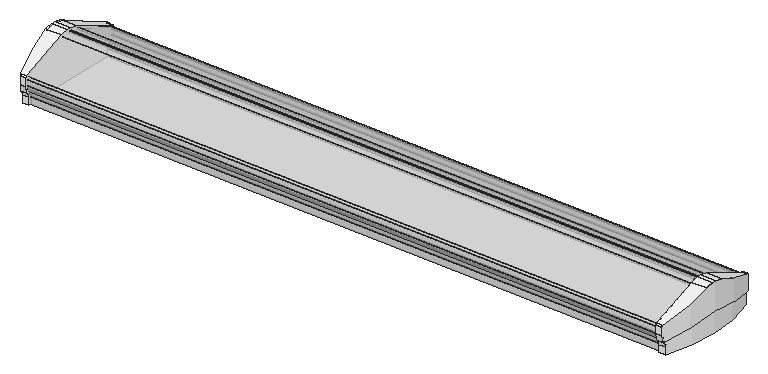
Revit family "0044882 Lighting Fixture_Sylvania_DeltaWing-LED-Electronic_Ceiling Surface", category Lighting Fixtures, host Face, Revit 2017
Family settings
  Host = Face
  Round Connector Dimension = Use Diameter
  Part Type = Normal
  OmniClass Number = 23.80.70.11.17
  OmniClass Title = Specialized Lighting by Location or Use
  Cut with Voids When Loaded = No
  Light Source = Yes
  Shared = No
  Room Calculation Point = No
Parameters (values of type "DELTAWING LED38 DALI 3K 1200")
  Width = 200.0 mm
  Weight = 3.40 kg
  Wattage = 34.1969 W
  built-in parameter 1150110 = 1 (stored number, unit not read)
  Voltage Comments = "UNV (Universal Voltage; 220-240 Volt)"  # constant formula
  Voltage = 230 V  # constant formula
  URL = "http://www.sylvania-lighting.com"
  built-in parameter 1114217 = 1 (stored number, unit not read)
  Tilt Angle = -90.00°
  built-in parameter 1150109 = 1 (stored number, unit not read)
  built-in parameter 1150134 = (empty or 0)
  Ta Rating = "-10°C  to +25°C"  # constant formula
  built-in parameter 1150113 = 1 (stored number, unit not read)
  Product Page URL = "http://www.sylvania-lighting.com/product/en-int/products/0044882"
  Product Family = "DELTAWING LED - ELECTRONIC"  # constant formula
  Photometry Comments = ""
  Photometric Web File = "0044882_DELTAWINGLED38DALI3K1200-198101.ies"
  Life = "50 000h"  # constant formula
  Length = 1218.0 mm
  LOR = "100%"
  Inrush Current (max. quantity per 16A C breaker) = "20"  # constant formula
  IP Rating = "IP44"  # constant formula
  IK Rating = "IK08"  # constant formula
  Height = 85.0 mm
  Glow Wire Test = 850 °C  # constant formula
  Glare Control = "UGR<22"
  Emit from Line Length = Length - 2.0 mm * 29  # 1160.0 mm
  Electrical Protection = "Class I"  # constant formula
  Drive Current = "250mA"
  built-in parameter 1114216 [instance] = 1 (stored number, unit not read)
  Cap Material = Plastic_Sylvania_DeltaWing_White
  Model = "DELTAWING LED38 DALI 3K 1200"
  Manufacturer = "Feilo Sylvania"
  built-in parameter 1150105 = 1214.6 (stored number, unit not read)
  Lumens = 3828 lm
  built-in parameter 1150115 = 1 (stored number, unit not read)
  built-in parameter 1150137 = (empty or 0)
  built-in parameter 1150139 = (empty or 0)
  built-in parameter 1150112 = 1 (stored number, unit not read)
  built-in parameter 1150114 = 1 (stored number, unit not read)
  Lamp = "\tIntegrated LED"  # constant formula
  built-in parameter 1150132 = 2
  built-in parameter 1150102 = (empty or 0)
  built-in parameter 1150107 = 3000 (stored number, unit not read)
  built-in parameter 1150138 = (empty or 0)
  built-in parameter 1150106 = 12.146 (stored number, unit not read)
  CRI (Ra) = "> 80"  # constant formula
  Body Material = Steel_Sylvania_DeltaWing_White
  built-in parameter 1150104 = 10.4 (stored number, unit not read)
  Dimming Lamp Color Temperature Shift = <None>
  Diffuser Material = Polycarbonate_Sylvania_DeltaWing_Opal_3000K
  Description = "Low profile surface and suspended LED diffuser luminaire DeltaWing LED is perfect to fulfil a wide range of applications, including educational environments, medical buildings, storage facilities and circulation areas including stairwells High performance: delivers up to 7,260lm (luminaire lumen output on 4,000K version), and up to 102lm/W (total system efficiency) Available in neutral white (4,000K) and warm white (3,000K) Smooth Polycarbonate extruded diffuser provides high efficiency, while minimising glare Precision prisms designed to optimise light output and reduce glare Options of non-dimmable, DALI, 3 hour maintained Emergency and Integrated Microwave sensor as standard Integrated Microwave sensor mounted discretely behind the diffuser helps further reduce energy and maintenance bills Suitable for suspended mounting using wire suspension kit (to be ordered seperately) BESA box connection possibility standard on product Long lifetime: 50,000 hours life at 70% of the original output L70 Energy class: A++, A+, A"  # constant formula
  Default Elevation = 0.0 mm
  Color Filter = 16777215
  Catalog Number = "0044882 DELTAWING LED38 DALI 3K 1200"
  built-in parameter 1140040 [instance] = 1
  built-in parameter 1114218 = 1 (stored number, unit not read)
  built-in parameter 1150133 = 10 (stored number, unit not read)
  Assembly Code = "D5020200"
  Apparent Load = 36 VA
Reference planes
  plane 1 "Center (Front/Back)": y = 0
  plane 2 "Fixture Top": z = 0
  plane 3 "Center (Left/Right)": x = 0
  plane 4 "Fixture Left": x = -609
  plane 5 "Fixture Right": x = 609
  plane 6 "Fixture Back": y = 100
  plane 7 "Fixture Front": y = -100
  plane 8 "Cap left": x = -580
  plane 9 "Cap Right": x = 580
  plane 10 "Lamp Plane": z = 22
  plane 11 "Fixture Bottom": z = 85
  plane 12: y = 20
  plane 13: y = -20
Forms (mm)
  Extrusion 1, solid, material "Steel_Sylvania_DeltaWing_White" <- "Body Material", detail levels fine
    sketch origin (0, 0, 0) x (0, 1, 0) y (0, 0, 1)
      loop
        line (-88.5, 0) -> (88.5, 0) -> (88.5, 13.239) -> (90.848, 22) -> (88.777, 22) -> (86.5, 13.502) -> (86.5, 2) -> (-86.5, 2) -> (-86.5, 13.502) -> (-88.777, 22) -> (-90.848, 22) -> (-88.5, 13.239) -> (-88.5, 0)
    from -580 to 580
  Extrusion 2, solid, material "Polycarbonate_Sylvania_DeltaWing_Opal_3000K" <- "Diffuser Material", detail levels fine
    sketch origin (0, 0, 0) x (0, 1, 0) y (0, 0, 1)
      loop
        line (96, 33.502) -> (94.018, 26.104) -> (92.041, 26.455) -> (88.5, 13.239) -> (88.5, 0) -> (90.5, 0) -> (90.5, 12.975) -> (93.498, 24.165) -> (95.475, 23.815) -> (98, 33.238) -> (98, 44.42)
        arc (98, 44.42) -> (97.319, 46.653) -> (95.506, 48.125) r 4
        line (95.506, 48.125) -> (16.971, 80.055)
        arc (16.971, 80.055) -> (9.581, 82.257) -> (1.906, 83) r 40
        line (1.906, 83) -> (-1.906, 83)
        arc (-1.906, 83) -> (-9.581, 82.257) -> (-16.971, 80.055) r 40
        line (-16.971, 80.055) -> (-95.506, 48.125)
        arc (-95.506, 48.125) -> (-97.319, 46.653) -> (-98, 44.42) r 4
        line (-98, 44.42) -> (-98, 33.238) -> (-95.475, 23.815) -> (-93.498, 24.165) -> (-90.5, 12.975) -> (-90.5, 0) -> (-88.5, 0) -> (-88.5, 13.239) -> (-92.041, 26.455) -> (-94.018, 26.104) -> (-96, 33.502) -> (-96, 43.074)
        arc (-96, 43.074) -> (-95.319, 45.307) -> (-93.506, 46.779) r 4
        line (-93.506, 46.779) -> (-15.978, 78.299)
        arc (-15.978, 78.299) -> (-9.922, 80.17) -> (-3.638, 81) r 37.685
        line (-3.638, 81) -> (3.638, 81)
        arc (3.638, 81) -> (9.922, 80.17) -> (15.978, 78.299) r 37.685
        line (15.978, 78.299) -> (93.506, 46.779)
        arc (93.506, 46.779) -> (95.319, 45.307) -> (96, 43.074) r 4
        line (96, 43.074) -> (96, 33.502)
    from -580 to 580
  Extrusion 3, solid, material "Steel_Sylvania_DeltaWing_White" <- "Body Material", detail levels coarse+medium
    sketch origin (0, 0, 0) x (0, 1, 0) y (0, 0, 1)
      loop
        line (-16.971, 80.055) -> (-95.506, 48.125)
        arc (-95.506, 48.125) -> (-97.319, 46.653) -> (-98, 44.42) r 4
        line (-98, 44.42) -> (-98, 33.238) -> (-95.475, 23.815) -> (-93.498, 24.165) -> (-90.5, 12.975) -> (-90.5, 0) -> (90.5, 0) -> (90.5, 12.975) -> (93.498, 24.165) -> (95.475, 23.815) -> (98, 33.238) -> (98, 44.42)
        arc (98, 44.42) -> (97.319, 46.653) -> (95.506, 48.125) r 4
        line (95.506, 48.125) -> (16.971, 80.055)
        arc (16.971, 80.055) -> (9.581, 82.257) -> (1.906, 83) r 40
        line (1.906, 83) -> (-1.906, 83)
        arc (-1.906, 83) -> (-9.581, 82.257) -> (-16.971, 80.055) r 40
    from -580 to 580
Dimensions and locks
  equal spacing: plane 4 "Fixture Left", plane 3 "Center (Left/Right)", plane 5 "Fixture Right"
  "Length": plane 4 "Fixture Left" to plane 5 "Fixture Right"
  locked: plane 4 "Fixture Left" to plane 8 "Cap left" at 29
  locked: plane 9 "Cap Right" to plane 5 "Fixture Right" at 29
  "Height": plane 11 "Fixture Bottom" to plane 2 "Fixture Top"
  equal spacing: plane 6 "Fixture Back", plane 1 "Center (Front/Back)", plane 7 "Fixture Front"
  "Width": plane 6 "Fixture Back" to plane 7 "Fixture Front"
  equal spacing: plane 12, plane 1 "Center (Front/Back)", plane 13
  locked: Extrusion 1 sketch curve to Extrusion 1 sketch curve at 2
  locked: plane 10 "Lamp Plane" to Extrusion 1 sketch curve at 8.498  (x2)
  aligned and locked: level to host face
  aligned and locked: nested 1 to plane 1 "Center (Front/Back)"
  aligned and locked: nested 1 to plane 5 "Fixture Right"
  aligned and locked: nested 2 to plane 4 "Fixture Left"
  aligned and locked: plane 2 "Fixture Top" to Extrusion 1 sketch curve
  aligned and locked: Extrusion 1 to plane 8 "Cap left"
  aligned and locked: plane 9 "Cap Right" to Extrusion 1
  aligned and locked: Extrusion 2 to plane 8 "Cap left"
  aligned and locked: plane 9 "Cap Right" to Extrusion 2
  aligned and locked: Extrusion 3 sketch curve to Extrusion 2  (x2)
  aligned and locked: Extrusion 3 to plane 8 "Cap left"
  aligned and locked: plane 9 "Cap Right" to Extrusion 3
  aligned and locked: plane 2 "Fixture Top" to nested 2
  aligned and locked: nested 1 to plane 2 "Fixture Top"
  aligned and locked: plane 10 "Lamp Plane" to Extrusion 1 sketch curve  (x2)
  aligned and locked: Extrusion 3 sketch curve to plane 2 "Fixture Top"
  aligned and locked: plane 2 "Fixture Top" to Extrusion 2 sketch curve
  aligned and locked: Extrusion 2 sketch curve to plane 2 "Fixture Top"
  aligned and locked: imposter light to plane 1 "Center (Front/Back)"
  aligned and locked: plane 3 "Center (Left/Right)" to imposter light
  aligned and locked: plane 11 "Fixture Bottom" to imposter light
Automatic sketch dimensions
  host sketch curve to host sketch curve = 1713.741 mm
  host sketch curve to host sketch curve = 1283.632 mm
  plane 7 "Fixture Front" to Extrusion 2 sketch curve = 2.0 mm
  Extrusion 2 sketch curve to plane 10 "Lamp Plane" = 9.025 mm  (x2)
  Extrusion 2 sketch curve to Extrusion 2 sketch curve = 2.0 mm  (x8)
  Extrusion 2 sketch curve to Extrusion 2 sketch curve = 2.494 mm
  plane 10 "Lamp Plane" to Extrusion 2 sketch curve = 1.815 mm  (x2)
  plane 7 "Fixture Front" to Extrusion 2 sketch curve = 4.525 mm
  Extrusion 2 sketch curve to Extrusion 2 sketch curve = 1.457 mm  (x2)
  plane 10 "Lamp Plane" to Extrusion 2 sketch curve = 2.165 mm  (x2)
  Extrusion 2 sketch curve to Extrusion 2 sketch curve = 0.52 mm
  Extrusion 2 sketch curve to Extrusion 2 sketch curve = 1.977 mm  (x3)
  plane 7 "Fixture Front" to Extrusion 2 sketch curve = 9.5 mm
  plane 13 to Extrusion 2 sketch curve = 3.029 mm
  Extrusion 2 sketch curve to Extrusion 2 sketch curve = 0.993 mm  (x2)
  plane 1 "Center (Front/Back)" to Extrusion 2 sketch curve = 3.638 mm
  plane 1 "Center (Front/Back)" to Extrusion 2 sketch curve = 1.906 mm
  Extrusion 2 sketch curve to plane 1 "Center (Front/Back)" = 1.906 mm
  Extrusion 2 sketch curve to Extrusion 2 sketch curve = 1.732 mm
  plane 12 to Extrusion 2 sketch curve = 4.022 mm
  Extrusion 2 sketch curve to plane 6 "Fixture Back" = 11.5 mm
  Extrusion 2 sketch curve to plane 6 "Fixture Back" = 7.959 mm
  Extrusion 2 sketch curve to plane 6 "Fixture Back" = 6.494 mm
  Extrusion 2 sketch curve to plane 6 "Fixture Back" = 4.0 mm
  Extrusion 2 sketch curve to plane 6 "Fixture Back" = 2.0 mm
  Extrusion 2 sketch curve to Extrusion 2 sketch curve = 0.041 mm  (x2)
  Extrusion 2 sketch curve to Extrusion 2 sketch curve = 1.506 mm
  Extrusion 2 sketch curve to Extrusion 2 sketch curve = 0.494 mm
  Extrusion 2 sketch curve to Extrusion 2 sketch curve = 0.263 mm  (x4)
  Extrusion 2 sketch curve to Extrusion 2 sketch curve = 1.939 mm  (x2)
  Extrusion 2 sketch curve to Extrusion 2 sketch curve = 0.351 mm  (x2)
  Extrusion 2 sketch curve to Extrusion 2 sketch curve = 7.134 mm  (x2)
  Extrusion 2 sketch curve to Extrusion 2 sketch curve = 9.572 mm  (x2)
  Extrusion 2 sketch curve to Extrusion 2 sketch curve = 1.346 mm  (x2)
  Extrusion 2 sketch curve to plane 11 "Fixture Bottom" = 6.701 mm
  Extrusion 2 sketch curve to Extrusion 2 sketch curve = 0.0 mm
  Extrusion 2 sketch curve to Extrusion 2 sketch curve = 1.755 mm  (x2)
  Extrusion 2 sketch curve to Extrusion 2 sketch curve = 2.701 mm
  Extrusion 1 sketch curve to Extrusion 1 sketch curve = 2.0 mm  (x2)
  Extrusion 1 sketch curve to Extrusion 1 sketch curve = 0.263 mm  (x2)
  Extrusion 1 sketch curve to Extrusion 1 sketch curve = 2.071 mm  (x2)
  plane 7 "Fixture Front" to Extrusion 1 sketch curve = 9.152 mm
  plane 13 to Extrusion 3 sketch curve = 3.029 mm
  Extrusion 3 sketch curve to Extrusion 3 sketch curve = 1.506 mm  (x2)
  Extrusion 3 sketch curve to Extrusion 3 sketch curve = 11.181 mm  (x2)
  plane 10 "Lamp Plane" to Extrusion 3 sketch curve = 1.815 mm  (x2)
  plane 7 "Fixture Front" to Extrusion 3 sketch curve = 4.525 mm
  plane 10 "Lamp Plane" to Extrusion 3 sketch curve = 2.165 mm  (x2)
  Extrusion 3 sketch curve to Extrusion 3 sketch curve = 1.977 mm  (x2)
  plane 7 "Fixture Front" to Extrusion 3 sketch curve = 9.5 mm
  Extrusion 3 sketch curve to plane 10 "Lamp Plane" = 9.025 mm  (x2)
  plane 1 "Center (Front/Back)" to Extrusion 3 sketch curve = 1.906 mm
  plane 10 "Lamp Plane" to Extrusion 3 sketch curve = 21.0 mm
  plane 12 to Extrusion 3 sketch curve = 3.029 mm
  Extrusion 3 sketch curve to plane 1 "Center (Front/Back)" = 1.906 mm
  Extrusion 3 sketch curve to plane 6 "Fixture Back" = 4.494 mm
  Extrusion 3 sketch curve to Extrusion 3 sketch curve = 0.0 mm
  plane 10 "Lamp Plane" to Extrusion 3 sketch curve = 26.125 mm
  Extrusion 3 sketch curve to plane 6 "Fixture Back" = 2.0 mm
  Extrusion 3 sketch curve to plane 6 "Fixture Back" = 4.525 mm
  Extrusion 3 sketch curve to plane 6 "Fixture Back" = 9.5 mm
  Extrusion 1 sketch curve to plane 6 "Fixture Back" = 11.223 mm
  plane 7 "Fixture Front" to Extrusion 1 sketch curve = 11.5 mm
  Extrusion 1 sketch curve to plane 6 "Fixture Back" = 13.5 mm
Nested families
  nested 1: "Cap" at (580, 0, 0) x (0, 1, 0) z (0, 0, 1), type "Type"
  nested 2: "Cap" at (-580, 0, 0) x (0, 1, 0) z (0, 0, 1), type "Type"
Connectors
  electrical at (0, 0, 0), driven by "Voltage", driven by "Apparent Load"
    settings: on Extrusion 1, index 1, voltage 230 V, apparent load 0 VA, apparent load phase1 36 VA, apparent load phase2 0 VA, apparent load phase3 0 VA, power factor 1, load classification "Lighting", number of poles 1, system type 31, power factor state 1, is connector primary yes, connector utility no, sub classification motor no, connector description ""
Definition of nested family "Cap"
  Parameters
    Height = 85.0 mm
    Width = 200.0 mm
    Default Elevation = 0.0 mm
    Cap Material = none
  Reference planes
    plane 1 "Center (Front/Back)": y = 0
    plane 2: z = 0
    plane 3 "Center (Left/Right)": x = 0
    plane 4: x = 100
    plane 5: x = -100
    plane 6: y = -29
    plane 7: y = -10
    plane 8: z = 85
    plane 9: z = 17
    plane 10: z = 22
    plane 11: z = 37
  Forms (mm)
    Extrusion 1, solid, material <- "Cap Material"
      sketch origin (0, 0, 0) x (1, 0, 0) y (0, 1, 0)
        loop
          line (-100, 0) -> (-100, -10)
          arc (-100, -10) -> (0, -28.818) -> (100, -10) r 275.114
          line (100, -10) -> (100, 0) -> (-100, 0)
      from 0 to 85
    Extrusion 2, void
      sketch origin (0, 0, 0) x (1, 0, 0) y (0, 0, 1)
        loop
          line (-92.5, 0) -> (-92.5, 12.712) -> (-94.955, 21.876) -> (-96.887, 21.358) -> (-101.913, 40.115)
          arc (-101.913, 40.115) -> (-101.345, 45.755) -> (-97.183, 49.603) r 8
          line (-97.183, 49.603) -> (-17.481, 82.006)
          arc (-17.481, 82.006) -> (-8.901, 84.444) -> (0, 85) r 41.685
          arc (0, 85) -> (8.901, 84.444) -> (17.481, 82.006) r 41.685
          line (17.481, 82.006) -> (97.183, 49.603)
          arc (97.183, 49.603) -> (101.345, 45.755) -> (101.913, 40.115) r 8
          line (101.913, 40.115) -> (96.887, 21.358) -> (94.955, 21.876) -> (92.5, 12.712) -> (92.5, 0) -> (117.5, 0) -> (117.5, 106.013) -> (-117.5, 106.013) -> (-117.5, 0) -> (-92.5, 0)
      from 0 to 250
    Extrusion 3, void
      sketch origin (0, 0, 0) x (1, 0, 0) y (0, 0, 1)
        loop
          line (-94.955, 21.876) -> (-100, 20.524) -> (-100, 0) -> (100, 0) -> (100, 20.524) -> (94.955, 21.876) -> (10.419, 36.87)
          arc (10.419, 36.87) -> (0, 37.781) -> (-10.419, 36.87) r 60
          line (-10.419, 36.87) -> (-94.955, 21.876)
      from -68.585 to 250
    Extrusion 4, solid, material <- "Cap Material"
      sketch origin (0, 0, 0) x (1, 0, 0) y (0, 1, 0)
        loop
          line (-100, 0) -> (-100, -9.525)
          arc (-100, -9.525) -> (0.169, -27.445) -> (100, -7.727) r 275.114
          line (100, -7.727) -> (100, 0) -> (-100, 0)
      from 0 to 85
    Extrusion 5, void
      sketch origin (0, 0, 0) x (1, 0, 0) y (0, 0, 1)
        loop
          line (-92.5, 0) -> (-92.5, 12.712) -> (-94.955, 21.876) -> (-96.887, 21.358) -> (-101.913, 40.115)
          arc (-101.913, 40.115) -> (-101.345, 45.755) -> (-97.183, 49.603) r 8
          line (-97.183, 49.603) -> (-17.481, 82.006)
          arc (-17.481, 82.006) -> (-8.901, 84.444) -> (0, 85) r 41.685
          arc (0, 85) -> (8.901, 84.444) -> (17.481, 82.006) r 41.685
          line (17.481, 82.006) -> (97.183, 49.603)
          arc (97.183, 49.603) -> (101.345, 45.755) -> (101.913, 40.115) r 8
          line (101.913, 40.115) -> (96.887, 21.358) -> (94.955, 21.876) -> (92.5, 12.712) -> (92.5, 0) -> (117.5, 0) -> (117.5, 106.013) -> (-117.5, 106.013) -> (-117.5, 0) -> (-92.5, 0)
      from 0 to 250
  Cuts and joins
    Extrusion 2, Extrusion 3, Extrusion 5 cuts Extrusion 1
    Extrusion 5 cuts Extrusion 4
    joined: Extrusion 1, Extrusion 4
  Dimensions and locks
    equal spacing: plane 5, plane 3 "Center (Left/Right)", plane 4
    "Width": plane 5 to plane 4
    locked: plane 1 "Center (Front/Back)" to plane 6 at 29
    plane 1 "Center (Front/Back)" to plane 7 = 10.0 mm
    "Height": plane 8 to level
    plane 9 to plane 2 = 17.0 mm
    plane 10 to plane 9 = 5.0 mm
    Extrusion 2 sketch curve to plane 5 = 7.5 mm
    aligned and locked: level to plane 2
    aligned and locked: plane 1 "Center (Front/Back)" to Extrusion 1 sketch curve
    aligned and locked: Extrusion 1 sketch curve to plane 5
    aligned and locked: Extrusion 1 sketch curve to plane 4
    aligned and locked: plane 7 to Extrusion 1 sketch curve  (x2)
    aligned and locked: Extrusion 1 to plane 2
    aligned and locked: plane 8 to Extrusion 1
  Automatic sketch dimensions
    Extrusion 1 sketch curve to plane 1 "Center (Front/Back)" = 246.296 mm
    Extrusion 2 sketch curve to plane 5 = 17.5 mm
    Extrusion 2 sketch curve to plane 9 = 4.288 mm
    Extrusion 2 sketch curve to plane 3 "Center (Left/Right)" = 0.0 mm
    Extrusion 2 sketch curve to plane 8 = 0.0 mm
    Extrusion 2 sketch curve to plane 5 = 1.913 mm
    plane 5 to Extrusion 2 sketch curve = 2.817 mm
    plane 10 to Extrusion 2 sketch curve = 0.642 mm  (x2)
    plane 5 to Extrusion 2 sketch curve = 3.113 mm
    plane 10 to Extrusion 2 sketch curve = 0.124 mm  (x2)
    Extrusion 2 sketch curve to plane 8 = 2.994 mm  (x2)
    Extrusion 2 sketch curve to plane 3 "Center (Left/Right)" = 17.481 mm
    plane 3 "Center (Left/Right)" to Extrusion 2 sketch curve = 17.481 mm
    Extrusion 2 sketch curve to plane 4 = 7.5 mm
    Extrusion 2 sketch curve to plane 4 = 5.045 mm
    Extrusion 2 sketch curve to Extrusion 2 sketch curve = 1.932 mm
    Extrusion 2 sketch curve to plane 4 = 2.817 mm
    plane 4 to Extrusion 2 sketch curve = 1.913 mm
    plane 4 to Extrusion 2 sketch curve = 17.5 mm
    plane 5 to Extrusion 2 sketch curve = 5.814 mm
    Extrusion 2 sketch curve to plane 3 "Center (Left/Right)" = 1.865 mm
    plane 3 "Center (Left/Right)" to Extrusion 2 sketch curve = 1.865 mm
    Extrusion 2 sketch curve to plane 4 = 5.814 mm
    Extrusion 2 sketch curve to Extrusion 2 sketch curve = 9.488 mm  (x2)
    plane 8 to Extrusion 2 sketch curve = 21.013 mm
    Extrusion 2 sketch curve to level = 0.0 mm  (x2)
    Extrusion 3 sketch curve to plane 3 "Center (Left/Right)" = 0.0 mm
    plane 10 to Extrusion 3 sketch curve = 0.124 mm  (x2)
    Extrusion 3 sketch curve to plane 3 "Center (Left/Right)" = 10.419 mm
    plane 3 "Center (Left/Right)" to Extrusion 3 sketch curve = 10.419 mm
    plane 11 to Extrusion 3 sketch curve = 0.13 mm
    plane 10 to Extrusion 3 sketch curve = 1.476 mm  (x2)
    Extrusion 3 sketch curve to level = 0.0 mm
    Extrusion 3 sketch curve to plane 5 = 0.0 mm
    Extrusion 3 sketch curve to Extrusion 3 sketch curve = 22.219 mm
    plane 5 to Extrusion 3 sketch curve = 5.045 mm
    Extrusion 3 sketch curve to plane 4 = 5.045 mm
    plane 4 to Extrusion 3 sketch curve = 0.0 mm
    plane 1 "Center (Front/Back)" to Extrusion 4 sketch curve = 0.0 mm
    Extrusion 4 sketch curve to plane 5 = 0.0 mm
    Extrusion 4 sketch curve to plane 4 = 0.0 mm
    plane 7 to Extrusion 4 sketch curve = 2.273 mm
    plane 7 to Extrusion 4 sketch curve = 0.475 mm
    Extrusion 4 sketch curve to plane 1 "Center (Front/Back)" = 247.658 mm
    Extrusion 5 sketch curve to level = 0.0 mm  (x2)
    Extrusion 5 sketch curve to plane 5 = 17.5 mm
    Extrusion 5 sketch curve to plane 9 = 4.288 mm  (x2)
    Extrusion 5 sketch curve to plane 3 "Center (Left/Right)" = 0.0 mm
    Extrusion 5 sketch curve to plane 8 = 0.0 mm
    Extrusion 5 sketch curve to plane 5 = 1.913 mm
    plane 5 to Extrusion 5 sketch curve = 2.817 mm
    plane 10 to Extrusion 5 sketch curve = 0.642 mm  (x2)
    plane 5 to Extrusion 5 sketch curve = 3.113 mm
    plane 10 to Extrusion 5 sketch curve = 0.124 mm  (x2)
    Extrusion 5 sketch curve to Extrusion 5 sketch curve = 1.932 mm
    Extrusion 5 sketch curve to plane 8 = 2.994 mm  (x2)
    Extrusion 5 sketch curve to plane 3 "Center (Left/Right)" = 17.481 mm
    plane 3 "Center (Left/Right)" to Extrusion 5 sketch curve = 17.481 mm
    Extrusion 5 sketch curve to plane 4 = 7.5 mm
    Extrusion 5 sketch curve to plane 4 = 5.045 mm
    Extrusion 5 sketch curve to plane 4 = 2.817 mm
    plane 4 to Extrusion 5 sketch curve = 1.913 mm
    plane 4 to Extrusion 5 sketch curve = 17.5 mm
    plane 5 to Extrusion 5 sketch curve = 5.814 mm
    Extrusion 5 sketch curve to plane 3 "Center (Left/Right)" = 1.865 mm
    plane 3 "Center (Left/Right)" to Extrusion 5 sketch curve = 1.865 mm
    Extrusion 5 sketch curve to plane 4 = 5.814 mm
    Extrusion 5 sketch curve to Extrusion 5 sketch curve = 9.488 mm  (x2)
    plane 8 to Extrusion 5 sketch curve = 21.013 mm
